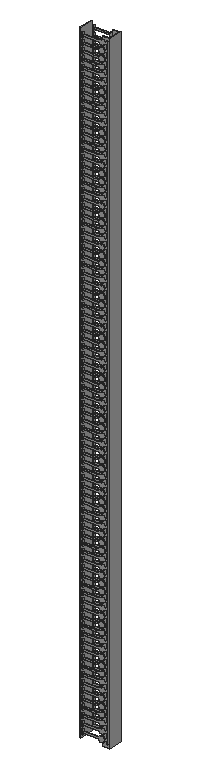
Revit family "ITK by ZPAS_Кабель-органайзер вертикальный_45U", category Обобщенные модели, Revit 2019 (continued)
Forms (mm)
  Extrusion 4, solid, material "Окраска - RAL 7035" <- "Материал", detail levels fine
    sketch origin (26.57, -6, 0) x (1, 0, 0) y (0, 0, -1)
      loop
          15.955) -> (0, -1115.955) -> (3.537, -1110.955) -> (10, -1110.955) -> (10, -1128.684) -> (3.537, -1128.684) -> (0, -1123.684) -> (-10, -1123.684) -> (-13.537, -1128.684) -> (-63.537, -1128.684) -> (-63.537, -1123.684) -> (-70, -1123.684) -> (-70, -1138.684) -> (-63.537, -1138.684) -> (-63.537, -1133.684) -> (-13.537, -1133.684) -> (-10, -1138.684) -> (0, -1138.684) -> (3.537, -1133.684) -> (10, -1133.684) -> (10, -1151.412) -> (3.537, -1151.412) -> (0, -1146.412) -> (-10, -1146.412) -> (-13.537, -1151.412) -> (-63.537, -1151.412) -> (-63.537, -1146.412) -> (-70, -1146.412) -> (-70, -1161.412) -> (-63.537, -1161.412) -> (-63.537, -1156.412) -> (-13.537, -1156.412) -> (-10, -1161.412) -> (0, -1161.412) -> (3.537, -1156.412) -> (10, -1156.412) -> (10, -1174.14) -> (3.537, -1174.14) -> (0, -1169.14) -> (-10, -1169.14) -> (-13.537, -1174.14) -> (-63.537, -1174.14) -> (-63.537, -1169.14) -> (-70, -1169.14) -> (-70, -1184.14) -> (-63.537, -1184.14) -> (-63.537, -1179.14) -> (-13.537, -1179.14) -> (-10, -1184.14) -> (0, -1184.14) -> (3.537, -1179.14) -> (10, -1179.14) -> (10, -1196.868) -> (3.537, -1196.868) -> (0, -1191.868) -> (-10, -1191.868) -> (-13.537, -1196.868) -> (-63.537, -1196.868) -> (-63.537, -1191.868) -> (-70, -1191.868) -> (-70, -1206.868) -> (-63.537, -1206.868) -> (-63.537, -1201.868) -> (-13.537, -1201.868) -> (-10, -1206.868) -> (0, -1206.868) -> (3.537, -1201.868) -> (10, -1201.868) -> (10, -1219.596) -> (3.537, -1219.596) -> (0, -1214.596) -> (-10, -1214.596) -> (-13.537, -1219.596) -> (-63.537, -1219.596) -> (-63.537, -1214.596) -> (-70, -1214.596) -> (-70, -1229.596) -> (-63.537, -1229.596) -> (-63.537, -1224.596) -> (-13.537, -1224.596) -> (-10, -1229.596) -> (0, -1229.596) -> (3.537, -1224.596) -> (10, -1224.596) -> (10, -1242.325) -> (3.537, -1242.325) -> (0, -1237.325) -> (-10, -1237.325) -> (-13.537, -1242.325) -> (-63.537, -1242.325) -> (-63.537, -1237.325) -> (-70, -1237.325) -> (-70, -1252.325) -> (-63.537, -1252.325) -> (-63.537, -1247.325) -> (-13.537, -1247.325) -> (-10, -1252.325) -> (0, -1252.325) -> (3.537, -1247.325) -> (10, -1247.325) -> (10, -1265.053) -> (3.537, -1265.053) -> (0, -1260.053) -> (-10, -1260.053) -> (-13.537, -1265.053) -> (-63.537, -1265.053) -> (-63.537, -1260.053) -> (-70, -1260.053) -> (-70, -1275.053) -> (-63.537, -1275.053) -> (-63.537, -1270.053) -> (-13.537, -1270.053) -> (-10, -1275.053) -> (0, -1275.053) -> (3.537, -1270.053) -> (10, -1270.053) -> (10, -1287.781) -> (3.537, -1287.781) -> (0, -1282.781) -> (-10, -1282.781) -> (-13.537, -1287.781) -> (-63.537, -1287.781) -> (-63.537, -1282.781) -> (-70, -1282.781) -> (-70, -1297.781) -> (-63.537, -1297.781) -> (-63.537, -1292.781) -> (-13.537, -1292.781) -> (-10, -1297.781) -> (0, -1297.781) -> (3.537, -1292.781) -> (10, -1292.781) -> (10, -1310.509) -> (3.537, -1310.509) -> (0, -1305.509) -> (-10, -1305.509) -> (-13.537, -1310.509) -> (-63.537, -1310.509) -> (-63.537, -1305.509) -> (-70, -1305.509) -> (-70, -1320.509) -> (-63.537, -1320.509) -> (-63.537, -1315.509) -> (-13.537, -1315.509) -> (-10, -1320.509) -> (0, -1320.509) -> (3.537, -1315.509) -> (10, -1315.509) -> (10, -1333.238) -> (3.537, -1333.238) -> (0, -1328.238) -> (-10, -1328.238) -> (-13.537, -1333.238) -> (-63.537, -1333.238) -> (-63.537, -1328.238) -> (-70, -1328.238) -> (-70, -1343.238) -> (-63.537, -1343.238) -> (-63.537, -1338.238) -> (-13.537, -1338.238) -> (-10, -1343.238) -> (0, -1343.238) -> (3.537, -1338.238) -> (10, -1338.238) -> (10, -1355.966) -> (3.537, -1355.966) -> (0, -1350.966) -> (-10, -1350.966) -> (-13.537, -1355.966) -> (-63.537, -1355.966) -> (-63.537, -1350.966) -> (-70, -1350.966) -> (-70, -1365.966) -> (-63.537, -1365.966) -> (-63.537, -1360.966) -> (-13.537, -1360.966) -> (-10, -1365.966) -> (0, -1365.966) -> (3.537, -1360.966) -> (10, -1360.966) -> (10, -1378.694) -> (3.537, -1378.694) -> (0, -1373.694) -> (-10, -1373.694) -> (-13.537, -1378.694) -> (-63.537, -1378.694) -> (-63.537, -1373.694) -> (-70, -1373.694) -> (-70, -1388.694) -> (-63.537, -1388.694) -> (-63.537, -1383.694) -> (-13.537, -1383.694) -> (-10, -1388.694) -> (0, -1388.694) -> (3.537, -1383.694) -> (10, -1383.694) -> (10, -1401.422) -> (3.537, -1401.422) -> (0, -1396.422) -> (-10, -1396.422) -> (-13.537, -1401.422) -> (-63.537, -1401.422) -> (-63.537, -1396.422) -> (-70, -1396.422) -> (-70, -1411.422) -> (-63.537, -1411.422) -> (-63.537, -1406.422) -> (-13.537, -1406.422) -> (-10, -1411.422) -> (0, -1411.422) -> (3.537, -1406.422) -> (10, -1406.422) -> (10, -1424.151) -> (3.537, -1424.151) -> (0, -1419.151) -> (-10, -1419.151) -> (-13.537, -1424.151) -> (-63.537, -1424.151) -> (-63.537, -1419.151) -> (-70, -1419.151) -> (-70, -1434.151) -> (-63.537, -1434.151) -> (-63.537, -1429.151) -> (-13.537, -1429.151) -> (-10, -1434.151) -> (0, -1434.151) -> (3.537, -1429.151) -> (10, -1429.151) -> (10, -1446.879) -> (3.537, -1446.879) -> (0, -1441.879) -> (-10, -1441.879) -> (-13.537, -1446.879) -> (-63.537, -1446.879) -> (-63.537, -1441.879) -> (-70, -1441.879) -> (-70, -1456.879) -> (-63.537, -1456.879) -> (-63.537, -1451.879) -> (-13.537, -1451.879) -> (-10, -1456.879) -> (0, -1456.879) -> (3.537, -1451.879) -> (10, -1451.879) -> (10, -1469.607) -> (3.537, -1469.607) -> (0, -1464.607) -> (-10, -1464.607) -> (-13.537, -1469.607) -> (-63.537, -1469.607) -> (-63.537, -1464.607) -> (-70, -1464.607) -> (-70, -1479.607) -> (-63.537, -1479.607) -> (-63.537, -1474.607) -> (-13.537, -1474.607) -> (-10, -1479.607) -> (0, -1479.607) -> (3.537, -1474.607) -> (10, -1474.607) -> (10, -1492.335) -> (3.537, -1492.335) -> (0, -1487.335) -> (-10, -1487.335) -> (-13.537, -1492.335) -> (-63.537, -1492.335) -> (-63.537, -1487.335) -> (-70, -1487.335) -> (-70, -1502.335) -> (-63.537, -1502.335) -> (-63.537, -1497.335) -> (-13.537, -1497.335) -> (-10, -1502.335) -> (0, -1502.335) -> (3.537, -1497.335) -> (10, -1497.335) -> (10, -1515.064) -> (3.537, -1515.064) -> (0, -1510.064) -> (-10, -1510.064) -> (-13.537, -1515.064) -> (-63.537, -1515.064) -> (-63.537, -1510.064) -> (-70, -1510.064) -> (-70, -1525.064) -> (-63.537, -1525.064) -> (-63.537, -1520.064) -> (-13.537, -1520.064) -> (-10, -1525.064) -> (0, -1525.064) -> (3.537, -1520.064) -> (10, -1520.064) -> (10, -1537.792) -> (3.537, -1537.792) -> (0, -1532.792) -> (-10, -1532.792) -> (-13.537, -1537.792) -> (-63.537, -1537.792) -> (-63.537, -1532.792) -> (-70, -1532.792) -> (-70, -1547.792) -> (-63.537, -1547.792) -> (-63.537, -1542.792) -> (-13.537, -1542.792) -> (-10, -1547.792) -> (0, -1547.792) -> (3.537, -1542.792) -> (10, -1542.792) -> (10, -1560.52) -> (3.537, -1560.52) -> (0, -1555.52) -> (-10, -1555.52) -> (-13.537, -1560.52) -> (-63.537, -1560.52) -> (-63.537, -1555.52) -> (-70, -1555.52) -> (-70, -1570.52) -> (-63.537, -1570.52) -> (-63.537, -1565.52) -> (-13.537, -1565.52) -> (-10, -1570.52) -> (0, -1570.52) -> (3.537, -1565.52) -> (10, -1565.52) -> (10, -1583.248) -> (3.537, -1583.248) -> (0, -1578.248) -> (-10, -1578.248) -> (-13.537, -1583.248) -> (-63.537, -1583.248) -> (-63.537, -1578.248) -> (-70, -1578.248) -> (-70, -1593.248) -> (-63.537, -1593.248) -> (-63.537, -1588.248) -> (-13.537, -1588.248) -> (-10, -1593.248) -> (0, -1593.248) -> (3.537, -1588.248) -> (10, -1588.248) -> (10, -1605.976) -> (3.537, -1605.976) -> (0, -1600.976) -> (-10, -1600.976) -> (-13.537, -1605.976) -> (-63.537, -1605.976) -> (-63.537, -1600.976) -> (-70, -1600.976) -> (-70, -1615.976) -> (-63.537, -1615.976) -> (-63.537, -1610.976) -> (-13.537, -1610.976) -> (-10, -1615.976) -> (0, -1615.976) -> (3.537, -1610.976) -> (10, -1610.976) -> (10, -1628.705) -> (3.537, -1628.705) -> (0, -1623.705) -> (-10, -1623.705) -> (-13.537, -1628.705) -> (-63.537, -1628.705) -> (-63.537, -1623.705) -> (-70, -1623.705) -> (-70, -1638.705) -> (-63.537, -1638.705) -> (-63.537, -1633.705) -> (-13.537, -1633.705) -> (-10, -1638.705) -> (0, -1638.705) -> (3.537, -1633.705) -> (10, -1633.705) -> (10, -1651.433) -> (3.537, -1651.433) -> (0, -1646.433) -> (-10, -1646.433) -> (-13.537, -1651.4
          33) -> (-63.537, -1651.433) -> (-63.537, -1646.433) -> (-70, -1646.433) -> (-70, -1661.433) -> (-63.537, -1661.433) -> (-63.537, -1656.433) -> (-13.537, -1656.433) -> (-10, -1661.433) -> (0, -1661.433) -> (3.537, -1656.433) -> (10, -1656.433) -> (10, -1674.161) -> (3.537, -1674.161) -> (0, -1669.161) -> (-10, -1669.161) -> (-13.537, -1674.161) -> (-63.537, -1674.161) -> (-63.537, -1669.161) -> (-70, -1669.161) -> (-70, -1684.161) -> (-63.537, -1684.161) -> (-63.537, -1679.161) -> (-13.537, -1679.161) -> (-10, -1684.161) -> (0, -1684.161) -> (3.537, -1679.161) -> (10, -1679.161) -> (10, -1696.889) -> (3.537, -1696.889) -> (0, -1691.889) -> (-10, -1691.889) -> (-13.537, -1696.889) -> (-63.537, -1696.889) -> (-63.537, -1691.889) -> (-70, -1691.889) -> (-70, -1706.889) -> (-63.537, -1706.889) -> (-63.537, -1701.889) -> (-13.537, -1701.889) -> (-10, -1706.889) -> (0, -1706.889) -> (3.537, -1701.889) -> (10, -1701.889) -> (10, -1719.618) -> (3.537, -1719.618) -> (0, -1714.618) -> (-10, -1714.618) -> (-13.537, -1719.618) -> (-63.537, -1719.618) -> (-63.537, -1714.618) -> (-70, -1714.618) -> (-70, -1729.618) -> (-63.537, -1729.618) -> (-63.537, -1724.618) -> (-13.537, -1724.618) -> (-10, -1729.618) -> (0, -1729.618) -> (3.537, -1724.618) -> (10, -1724.618) -> (10, -1742.346) -> (3.537, -1742.346) -> (0, -1737.346) -> (-10, -1737.346) -> (-13.537, -1742.346) -> (-63.537, -1742.346) -> (-63.537, -1737.346) -> (-70, -1737.346) -> (-70, -1752.346) -> (-63.537, -1752.346) -> (-63.537, -1747.346) -> (-13.537, -1747.346) -> (-10, -1752.346) -> (0, -1752.346) -> (3.537, -1747.346) -> (10, -1747.346) -> (10, -1765.074) -> (3.537, -1765.074) -> (0, -1760.074) -> (-10, -1760.074) -> (-13.537, -1765.074) -> (-63.537, -1765.074) -> (-63.537, -1760.074) -> (-70, -1760.074) -> (-70, -1775.074) -> (-63.537, -1775.074) -> (-63.537, -1770.074) -> (-13.537, -1770.074) -> (-10, -1775.074) -> (0, -1775.074) -> (3.537, -1770.074) -> (10, -1770.074) -> (10, -1787.802) -> (3.537, -1787.802) -> (0, -1782.802) -> (-10, -1782.802) -> (-13.537, -1787.802) -> (-63.537, -1787.802) -> (-63.537, -1782.802) -> (-70, -1782.802) -> (-70, -1797.802) -> (-63.537, -1797.802) -> (-63.537, -1792.802) -> (-13.537, -1792.802) -> (-10, -1797.802) -> (0, -1797.802) -> (3.537, -1792.802) -> (10, -1792.802) -> (10, -1810.531) -> (3.537, -1810.531) -> (0, -1805.531) -> (-10, -1805.531) -> (-13.537, -1810.531) -> (-63.537, -1810.531) -> (-63.537, -1805.531) -> (-70, -1805.531) -> (-70, -1820.531) -> (-63.537, -1820.531) -> (-63.537, -1815.531) -> (-13.537, -1815.531) -> (-10, -1820.531) -> (0, -1820.531) -> (3.537, -1815.531) -> (10, -1815.531) -> (10, -1833.259) -> (3.537, -1833.259) -> (0, -1828.259) -> (-10, -1828.259) -> (-13.537, -1833.259) -> (-63.537, -1833.259) -> (-63.537, -1828.259) -> (-70, -1828.259) -> (-70, -1843.259) -> (-63.537, -1843.259) -> (-63.537, -1838.259) -> (-13.537, -1838.259) -> (-10, -1843.259) -> (0, -1843.259) -> (3.537, -1838.259) -> (10, -1838.259) -> (10, -1855.987) -> (3.537, -1855.987) -> (0, -1850.987) -> (-10, -1850.987) -> (-13.537, -1855.987) -> (-63.537, -1855.987) -> (-63.537, -1850.987) -> (-70, -1850.987) -> (-70, -1865.987) -> (-63.537, -1865.987) -> (-63.537, -1860.987) -> (-13.537, -1860.987) -> (-10, -1865.987) -> (0, -1865.987) -> (3.537, -1860.987) -> (10, -1860.987) -> (10, -1878.715) -> (3.537, -1878.715) -> (0, -1873.715) -> (-10, -1873.715) -> (-13.537, -1878.715) -> (-63.537, -1878.715) -> (-63.537, -1873.715) -> (-70, -1873.715) -> (-70, -1888.715) -> (-63.537, -1888.715) -> (-63.537, -1883.715) -> (-13.537, -1883.715) -> (-10, -1888.715) -> (0, -1888.715) -> (3.537, -1883.715) -> (10, -1883.715) -> (10, -1901.444) -> (3.537, -1901.444) -> (0, -1896.444) -> (-10, -1896.444) -> (-13.537, -1901.444) -> (-63.537, -1901.444) -> (-63.537, -1896.444) -> (-70, -1896.444) -> (-70, -1911.444) -> (-63.537, -1911.444) -> (-63.537, -1906.444) -> (-13.537, -1906.444) -> (-10, -1911.444) -> (0, -1911.444) -> (3.537, -1906.444) -> (10, -1906.444) -> (10, -1924.172) -> (3.537, -1924.172) -> (0, -1919.172) -> (-10, -1919.172) -> (-13.537, -1924.172) -> (-63.537, -1924.172) -> (-63.537, -1919.172) -> (-70, -1919.172) -> (-70, -1934.172) -> (-63.537, -1934.172) -> (-63.537, -1929.172) -> (-13.537, -1929.172) -> (-10, -1934.172) -> (0, -1934.172) -> (3.537, -1929.172) -> (10, -1929.172) -> (10, -1946.9) -> (3.537, -1946.9) -> (0, -1941.9) -> (-10, -1941.9) -> (-13.537, -1946.9) -> (-63.537, -1946.9) -> (-63.537, -1941.9) -> (-70, -1941.9) -> (-70, -1956.9) -> (-63.537, -1956.9) -> (-63.537, -1951.9) -> (-13.537, -1951.9)
    from 3.968 to 6
Dimensions and locks
  plane 5 to plane 1 "По центру (Вперед/Назад)" = 44.063 mm
  aligned and locked: level to plane 2
  aligned and locked: Extrusion 2 sketch curve to Extrusion 1  (x2)
  aligned and locked: Extrusion 2 sketch curve to plane 5
  aligned and locked: Extrusion 2 sketch curve to plane 7
Types (2, lengths in mm): name | Материал | IEK_URL | ADSK_Наименование | ADSK_Код изделия
  В1966,9_Черный | Окраска - RAL 9005 | "https://www.itk-group.ru/produktsiya/catalog/oborudovanie_telekommunikatsionnoe/kompleksnye_resheniya_dlya_tsod/shkafy_i_aksessuary_dlya_tsod/komplektuyushchie_i_aksessuary_dlya_shkafov_itk_by_zpas/kabelnye_organizatory_itk_by_zpas/itk_by_zpas_kabel_organayzer_vertikalnyy_45u_800mm_chernyy" | "ITK by ZPAS Кабель-органайзер вертикальный 45U 800 черный" | "ZP-CC05-45U-V-0800"
  В1966,9_Серый | Окраска - RAL 7035 | "https://www.itk-group.ru/produktsiya/catalog/oborudovanie_telekommunikatsionnoe/kompleksnye_resheniya_dlya_tsod/shkafy_i_aksessuary_dlya_tsod/komplektuyushchie_i_aksessuary_dlya_shkafov_itk_by_zpas/kabelnye_organizatory_itk_by_zpas/itk_by_zpas_kabel_organayzer_vertikalnyy_45u_800mm_seryy" | "ITK by ZPAS Кабель-органайзер вертикальный 45U 800 серый" | "ZP-CC35-45U-V-0800"
